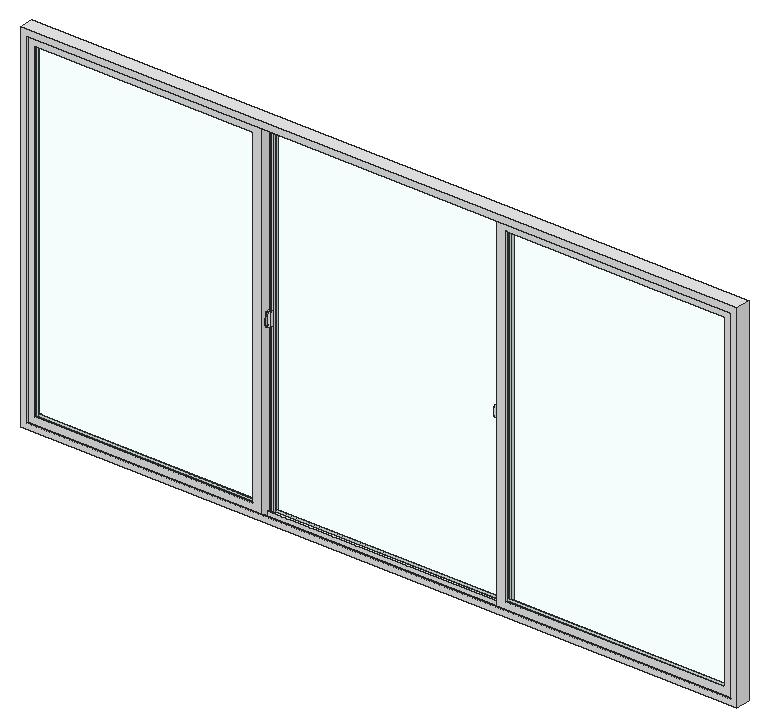
Revit family
Parameters (values of type "144" x 72"")
  Wall Width [instance] = Wall Width Report  # 6"
  Wall Width Report [instance] = 6"
  Visible Light Transmission = 0
  URL = "http://www.milgard.com/professionals/"
  U Values URL Dual Glaze = "http://www.milgard.com/_doc/products/performance-ratings/pdf/performanceratings-awning-casement-casementpicture.pdf"
  U Value = 0
  Style = "Double Vent"  # constant formula
  Solar Heat Gain Coefficient = 0
  Rough Width = Width + 1/2"  # 144 1/2"
  Rough Height = Height + 1/2"  # 72 1/2"
  R Value = 0
  Product Page URL = "http://www.milgard.com/professionals/architectural-library/vinyl-style-line.asp"
  Product Documentation Link = "http://www.milgard.com/professionals/architectural-library/vinyl-style-line.asp"
  Model = "Style Line™ Series"  # constant formula
  Manufacturer = "© 2013 Milgard Manufacturing, Inc."  # constant formula
  LEED Credit = ""
  Interior Frame Color [instance] = Vinyl - Milgard - White
  Height = 72"
  Has Grid [instance] = no
  Hardware Color [instance] = Vinyl - Milgard - White
  Grid Type [instance] = Grid-Milgard-Style_Line : Flat 5/8"
  Green Building LEED = "http://www.milgard.com/professionals/continuing-education/leed.asp"
  Glass Material [instance] = Glass - Milgard - P516
  Exterior Frame Color [instance] = Vinyl - Milgard - White
  Energy Star Zone = ""
  Egress = yes
  Description = "Vinyl Windows"  # constant formula
  Default Sill Height = 36"
  Wall Closure = (empty or 0)
  Width = 144"
  Interior Grid Width = Width / 3 - (1 15/16" + 21/32")  # 45 13/32"
  Interior Grid Height = Height - 2" * 2  # 68"
  Exterior Grid Width = Width / 3 - (2 3/32" - 3/4")  # 46 21/32"
  Exterior Grid Height = Height - (1 1/4" * 2)  # 69 1/2"
  Assembly Code = "B2020100"
  Approximated Vertical Grid Spacing [instance] = 10"
  Approximated Horizontal Grid Spacing [instance] = 10"
  Air Leakage = 0
Types (3): name | Rough Width | Rough Height | Height | Grid Type | Width | Interior Grid Width | Interior Grid Height | Exterior Grid Width | Exterior Grid Height
  48" x 24" | 48 1/2" | 24 1/2" | 24" | Grid-Milgard-Style_Line : Simulated Divided Lite | 48" | 13 13/32" | 20" | 14 21/32" | 21 1/2"
  96" x 48" | 96 1/2" | 48 1/2" | 48" | Grid-Milgard-Style_Line : Flat 5/8" | 96" | 29 13/32" | 44" | 30 21/32" | 45 1/2"
  144" x 72" | 144 1/2" | 72 1/2" | 72" | Grid-Milgard-Style_Line : Flat 5/8" | 144" | 45 13/32" | 68" | 46 21/32" | 69 1/2"
Reference planes (in)
  plane 1 "Center Wall": y = 0.0625
  plane 2: z = 0
  plane 3 "Center (Left/Right)": x = -8.05467
  plane 4 "Left": x = -56.05467
  plane 5 "Right": x = 39.94533
  plane 6 "Sill": z = 108
  plane 7: z = 72
  plane 8 "Exterior": y = 3.0625
  plane 9 "Interior": y = -2.9375
  plane 10 "Grid Center": y = 2.399
  plane 11: z = 106
  plane 12 "ext grid left": x = -7.33918
  plane 13 "int grid rigth": x = -8.72642
  plane 14: x = -31.42622
  plane 15 "Center": x = 15.94533
  plane 16 "interior grid center": y = 1.07254
  plane 17 "int grid left": x = -54.12603
  plane 18 "ext grid right": x = 39.18612
  plane 19 "exterior frame top": z = 107.24787
  plane 20 "left sash right": x = -7.72595
  plane 21 "right sash left": x = -8.88634
  plane 22 "exterior grid center": y = 2.5367
  plane 23 "Back": y = 0.18786
  plane 24: y = 1.62518
  plane 25: z = 36
  plane 26: z = 38
  plane 27: x = 87.94533
  plane 28: x = 63.26873
  plane 29: x = 40.52962
  plane 30: x = 86.00783
  plane 31: x = 40.77701
Forms (in)
  Sweep 1, solid, material "Vinyl - Milgard - White" <- "Exterior Frame Color"
    path origin (0, 3.0625, 0) x (-1, 0, 0) y (0, 0, 1)
      loop
        line (8.05467, 107.37764) -> (8.05467, 36.62236)
    profile origin (-8.05467, 3.0625, 72) x (0, 1, 0) y (-1, 0, 0)
      loop
        line (-2.65621, -0.32871) -> (-0.96464, -0.32871) -> (-0.96464, -1.39482) -> (-0.93465, -1.46548) -> (-0.9008, -1.46548) -> (-0.9008, -0.71548) -> (-0.23092, -0.71548) -> (-0.23092, -0.59048) -> (-0.1508, -0.59048) -> (-0.1508, -1.46548) -> (0, -1.46548) -> (0, 0.83168) -> (-0.33636, 0.83168) -> (-0.33636, 0.41525) -> (-1.00745, 0.41525) -> (-1.00745, 0.83168) -> (-1.49248, 0.83168) -> (-1.49248, 1.41087) -> (-1.57205, 1.41087) -> (-1.57205, 0.67175) -> (-2.43552, 0.67175) -> (-2.43552, 0.99718) -> (-2.36496, 0.99718) -> (-2.36496, 1.42175) -> (-2.65621, 1.42175) -> (-2.65621, -0.32871)
  Sweep 2, solid, material "Vinyl - Milgard - White" <- "Exterior Frame Color"
    path origin (0, 3.0625, 0) x (-1, 0, 0) y (0, 0, 1)
      loop
        line (7.72595, 108) -> (56.05467, 108) -> (56.05467, 36) -> (7.72595, 36)
    profile origin (-31.89031, 3.0625, 108) x (0, 0, 1) y (0, 1, 0)
      loop
        line (-0.37699, -1.39464) -> (-1.24836, -1.39464) -> (-1.24836, -1.49248) -> (-2.65572, -1.49248) -> (-2.65572, -1.61496) -> (-1.92864, -1.61496) -> (-1.92864, -2.36496) -> (-2.65572, -2.36496) -> (-2.65572, -2.65621) -> (-0.37699, -2.65621) -> (-0.37699, -1.39464)
  Sweep 3, solid, material "Vinyl - Milgard - White" <- "Exterior Frame Color"
    path origin (0, 3.0625, 0) x (-1, 0, 0) y (0, 0, 1)
      loop
        line (-40.36058, 108) -> (8.46992, 108)
    profile origin (15.94533, 3.0625, 108) x (0, 0, 1) y (0, 1, 0)
      loop
        line (-1.24836, -0.9008) -> (-1.24836, -0.96464) -> (-0.49909, -0.96464) -> (-0.49909, -0.33636) -> (-0.62236, -0.33636) -> (-0.62236, 0) -> (-1.24836, 0) -> (-1.24836, -0.1508) -> (-0.75213, -0.1508) -> (-0.75213, -0.9008) -> (-1.24836, -0.9008)
      loop
        line (-70.75164, -0.9008) -> (-71.24787, -0.9008) -> (-71.24787, -0.1508) -> (-70.75164, -0.1508) -> (-70.75164, 0) -> (-71.37764, 0) -> (-71.37764, -0.33636) -> (-71.50091, -0.33636) -> (-71.50091, -0.96464) -> (-70.75164, -0.96464) -> (-70.75164, -0.9008)
  Sweep 4, solid, material "Glass - Milgard - P516" <- "Glass Material"
    path origin (0, 0, 0) x (1, 0, 0) y (0, 1, 0)
      loop
        line (-54.12603, 0.69754) -> (-54.12603, 1.44754)
    profile origin (-54.12603, 1.07254, 0) x (-1, 0, 0) y (0, 0, 1)
      loop
        line (-0.73106, 106) -> (-45.39961, 106) -> (-45.39961, 38) -> (-0.73106, 38) -> (-0.73106, 106)
  Sweep 5, solid, material "Glass - Milgard - P516" <- "Glass Material"
    path origin (0, 0, 38) x (-1, 0, 0) y (0, -1, 0)
      loop
        line (-39.18612, -2.9117) -> (-39.18612, -2.1617)
    profile origin (39.18612, 2.5367, 38) x (1, 0, 0) y (0, 0, 1)
      loop
        line (0, 69.24787) -> (-46.5253, 69.24787) -> (-46.5253, -1.24787) -> (0, -1.24787) -> (0, 69.24787)
  Sweep 6, solid, material "Vinyl - Milgard - White" <- "Exterior Frame Color"
    path origin (0, 3.0625, 0) x (-1, 0, 0) y (0, 0, 1)
      loop
        line (-87.94533, 108) -> (-87.94533, 36) -> (56.05467, 36) -> (56.05467, 108) -> (-87.94533, 108)
    profile origin (15.94533, 3.0625, 108) x (0, 0, 1) y (0, 1, 0)
      loop
        line (-1.24836, -2.87464) -> (0, -2.87464) -> (0, 0) -> (-0.62236, 0) -> (-0.62236, -0.33636) -> (-0.49909, -0.33636) -> (-0.49909, -0.96464) -> (-1.24836, -0.96464) -> (-1.24836, -1.39464) -> (-0.37699, -1.39464) -> (-0.37699, -2.65621) -> (-1.24836, -2.65621) -> (-1.24836, -2.87464)
  Sweep 7, solid, material "Vinyl - Milgard - White" <- "Exterior Frame Color"
    path origin (23.91253, 3.0625, 0) x (1, 0, 0) y (0, 0, 1)
      loop
        line (15.70409, 108) -> (64.0328, 108) -> (64.0328, 36) -> (15.70409, 36)
    profile origin (63.78098, 3.0625, 108) x (0, 0, -1) y (0, 1, 0)
      loop
        line (0.37699, -1.39464) -> (0.37699, -2.65621) -> (2.65572, -2.65621) -> (2.65572, -2.36496) -> (1.92864, -2.36496) -> (1.92864, -1.61496) -> (2.65572, -1.61496) -> (2.65572, -1.49248) -> (1.24836, -1.49248) -> (1.24836, -1.39464) -> (0.37699, -1.39464)
  Sweep 8, solid, material "Vinyl - Milgard - White" <- "Exterior Frame Color"
    path origin (23.91253, 3.0625, 0) x (1, 0, 0) y (0, 0, 1)
      loop
        line (16.0328, 107.37764) -> (16.0328, 36.62236)
    profile origin (39.94533, 3.0625, 72) x (0, 1, 0) y (-1, 0, 0)
      loop
        line (-2.65621, 0.32871) -> (-2.65621, -0.6546) -> (-2.65621, -1.42175) -> (-2.36496, -1.42175) -> (-2.36496, -0.99718) -> (-2.43552, -0.99718) -> (-2.43552, -0.67175) -> (-1.57205, -0.67175) -> (-1.57205, -1.41087) -> (-1.49248, -1.41087) -> (-1.49248, -0.83168) -> (-1.00745, -0.83168) -> (-1.00745, -0.41525) -> (-0.33636, -0.41525) -> (-0.33636, -0.83168) -> (0, -0.83168) -> (0, 1.42175) -> (-0.1508, 1.42175) -> (-0.1508, 0.54675) -> (-0.23092, 0.54675) -> (-0.23092, 0.67175) -> (-0.9008, 0.67175) -> (-0.9008, 1.42175) -> (-0.93465, 1.42175) -> (-0.96464, 1.35109) -> (-0.96464, 0.32871) -> (-2.65621, 0.32871)
  Sweep 9, solid, material "Glass - Milgard - P516" <- "Glass Material"
    path origin (0, 0, 0) x (1, 0, 0) y (0, 1, 0)
      loop
        line (63.26873, 0.69754) -> (63.26873, 1.44754)
    profile origin (63.26873, 1.07254, 0) x (-1, 0, 0) y (0, 0, 1)
      loop
        line (-22.74797, 106) -> (-22.74797, 38) -> (22.90814, 38) -> (22.90814, 106) -> (-22.74797, 106)
Cuts and joins
  joined: Sweep 1, Sweep 2, Sweep 3, Sweep 6, Sweep 7, Sweep 8
Lines and regions (in)
  Opening 1
    outline origin (-60, -2.9375, 0) x (1, 0, 0) y (0, 0, 1)
      loop
        line (3.94533, 36) -> (147.94533, 36) -> (147.94533, 108) -> (3.94533, 108) -> (3.94533, 36)
  Masking region 1, not visible
    outline origin (0, 0, 108) x (0, -1, 0) y (1, 0, 0)
      loop
        line (-3.0625, -56.05467) -> (2.9375, -56.05467) -> (2.9375, 87.94533) -> (-3.0625, 87.94533) -> (-3.0625, -56.05467)
  Masking region 2
    outline origin (0, 0, 0) x (1, 0, 0) y (0, 1, 0)
      loop
        line (-56.05467, 0.18786) -> (87.94533, 0.18786) -> (87.94533, 3.0625) -> (-56.05467, 3.0625) -> (-56.05467, 0.18786)
  symbolic lines
    curve 1: line (-54.80631, 3.0625, 79.16501) -> (-54.80631, 0.18786, 79.16501)
    curve 3: line (39.18612, 0.40629, 79.16501) -> (39.18612, 1.57002, 79.16501)
    curve 4: line (-56.05467, 0.18786, 79.16501) -> (-56.05467, -2.9375, 79.16501)
    curve 5: line (-7.33918, 1.57002, 79.16501) -> (-7.33918, 0.40629, 79.16501)
    curve 6: line (-8.88634, 2.9117, 79.16501) -> (-8.88634, 1.74797, 79.16501)
    curve 7: line (-7.33918, 0.40629, 79.16501) -> (-54.80631, 0.40629, 79.16501)
    curve 8: line (-54.80631, 1.57002, 79.16501) -> (-7.33918, 1.57002, 79.16501)
    curve 9: line (-8.88634, 2.9117, 79.16501) -> (40.77701, 2.9117, 79.16501)
    curve 15: line (40.77701, 1.74797, 79.16501) -> (-8.88634, 1.74797, 79.16501)
    curve 16: line (-8.05467, 3.0625, 14) -> (-8.05467, 3.0625, 108)
    curve 20: line (39.18612, 0.40629, 79.16501) -> (86.69697, 0.40629, 79.16501)
    curve 21: line (86.69697, 1.57002, 79.16501) -> (39.18612, 1.57002, 79.16501)
    curve 24: line (86.69697, 3.0625, 79.16501) -> (86.69697, 0.18786, 79.16501)
    curve 25: line (40.77701, 2.9117, 79.16501) -> (40.77701, 1.74797, 79.16501)
  symbolic lines, detail levels medium+fine
    curve 2: line (-53.39894, 0.40629, 79.16501) -> (-53.39894, 1.57002, 79.16501)
    curve 10: line (-8.68293, 0.40629, 79.16501) -> (-8.68293, 1.57002, 79.16501)
    curve 12: line (-7.54259, 1.74797, 79.16501) -> (-7.54259, 2.9117, 79.16501)
    curve 13: line (39.43326, 1.74797, 79.16501) -> (39.43326, 2.9117, 79.16501)
    curve 19: line (85.28961, 0.40629, 79.16501) -> (85.28961, 1.57002, 79.16501)
    curve 22: line (40.52987, 0.40629, 79.16501) -> (40.52987, 1.57002, 79.16501)
  symbolic lines, detail levels fine
    curve 11: line (-8.68293, 0.98815, 79.16501) -> (-53.39894, 0.98815, 79.16501)
    curve 14: line (-7.54259, 2.32983, 79.16501) -> (39.43326, 2.32983, 79.16501)
    curve 23: line (40.52987, 0.98815, 79.16501) -> (85.28961, 0.98815, 79.16501)
  model lines, style "WindowsFrameMullionProjection"
    curve 17: line (40.77701, 3.0625, 36.62236) -> (-8.88634, 3.0625, 36.62236)
    curve 18: line (40.77701, 3.0625, 107.37764) -> (-8.88634, 3.0625, 107.37764)
Text (in)
  text "EXTERIOR" at (-90.45691, 50.90694, 0), in view "Ref. Level"
  text "INTERIOR" at (-90.45691, -40.77599, 0), in view "Ref. Level"
  text "Exterior" at (0, 43.65631, 123.19604), in view "Left"
  text "Exterior" at (0, 18.29385, 125.04747), in view "Right"
  text "Note: Remeber to hide any  geometry\n\non \"Visibility Settings\" and replace it \n\nwith Masking Regions and Symbolic \n\nLines," at (41.99671, 82.85099, 0), in view "Ref. Level"
Dimensions and locks (in)
  equal spacing: plane 4 "Left", plane 3 "Center (Left/Right)", plane 5 "Right"
  equal spacing: plane 6 "Sill", plane 7, plane 25
  equal spacing: plane 8 "Exterior", plane 1 "Center Wall", plane 9 "Interior"
  "Wall Width": plane 8 "Exterior" to plane 9 "Interior"
  "Wall Width Report": host wall to host wall
  locked: plane 8 "Exterior" to plane 10 "Grid Center" at 0.6635
  equal spacing: plane 13 "int grid rigth", plane 14, plane 17 "int grid left"
  locked: plane 8 "Exterior" to plane 16 "interior grid center" at 1.98996
  locked: plane 13 "int grid rigth" to plane 3 "Center (Left/Right)" at 0.67175
  locked: plane 6 "Sill" to plane 19 "exterior frame top" at 0.75213
  locked: plane 21 "right sash left" to plane 3 "Center (Left/Right)" at 0.83168
  locked: plane 3 "Center (Left/Right)" to plane 20 "left sash right" at 0.32871
  locked: curve 10 to plane 12 "ext grid left" at 1.34375
  locked: plane 21 "right sash left" to curve 12 at 1.34375
  locked: curve 13 to plane 31 at 1.34375
  locked: plane 6 "Sill" to plane 11 at 2
  Sweep 2 sketch curve to Sweep 2 sketch curve to Sweep 2 sketch curve to plane 6 "Sill" = 0.72709" locked, 1.55165" locked, 0.37699" locked
  locked: Sweep 6 sketch curve to plane 6 "Sill" at 1.24836
  equal spacing: plane 8 "Exterior", plane 24, plane 23 "Back"
  locked: plane 8 "Exterior" to plane 23 "Back" at 2.87464
  locked: plane 26 to plane 25 at 2
  locked: plane 26 to Sweep 5 sketch curve at 1.24787
  "Height": plane 6 "Sill" to plane 25
  Sweep 2 sketch curve to Sweep 2 sketch curve to plane 8 "Exterior" = 1.26157" locked, 1.39464" locked
  locked: plane 4 "Left" to plane 17 "int grid left" at 1.92864
  locked: plane 18 "ext grid right" to plane 5 "Right" at 0.75922
  locked: plane 8 "Exterior" to plane 22 "exterior grid center" at 0.5258
  "Default Sill Height": plane 25 to plane 2
  Sweep 7 sketch curve to Sweep 7 sketch curve to Sweep 7 sketch curve = 1.55165" locked, 0.72709" locked
  locked: Sweep 7 sketch curve to Sweep 7 sketch curve at 1.26157
  locked: Sweep 9 sketch curve to Sweep 9 sketch curve at 0.75
  locked: plane 8 "Exterior" to Sweep 9 sketch curve at 1.61496
  locked: plane 5 "Right" to plane 29 at 0.58428
  locked: plane 27 to plane 30 at 1.9375
  equal spacing: plane 29, plane 28, plane 30
  locked: plane 12 "ext grid left" to plane 13 "int grid rigth" at 1.38723
  equal spacing: plane 3 "Center (Left/Right)", plane 5 "Right", plane 27
  "Width": plane 4 "Left" to plane 27
  equal spacing: plane 4 "Left", plane 15 "Center", plane 27
  locked: plane 31 to plane 5 "Right" at 0.83168
  locked: plane 12 "ext grid left" to nested 1 at 0.37252
  locked: plane 6 "Sill" to Sweep 1 sketch curve at 0.62236
  locked: Sweep 1 sketch curve to plane 25 at 0.62236
  locked: plane 8 "Exterior" to Sweep 1 sketch curve at 2.65621
  plane 8 "Exterior" to Sweep 4 sketch curve to Sweep 4 sketch curve = 1.61496" locked, 3/4" locked
  locked: plane 18 "ext grid right" to curve 22 at 1.34375
  plane 8 "Exterior" to Sweep 5 sketch curve to Sweep 5 sketch curve = 0.1508" locked, 3/4" locked
  locked: Sweep 3 sketch curve to plane 25 at 0.49909
  locked: Sweep 3 sketch curve to plane 25 at 0.75213
  locked: Sweep 3 sketch curve to plane 25 at 1.24836  (x2)
  aligned and locked: level to plane 2
  aligned and locked: Masking region 1 sketch curve to plane 4 "Left"
  aligned and locked: Masking region 1 to plane 8 "Exterior"
  aligned and locked: plane 9 "Interior" to Masking region 1
  aligned and locked: host wall to plane 1 "Center Wall"
  aligned and locked: Masking region 2 sketch curve to plane 8 "Exterior"
  aligned and locked: Masking region 2 sketch curve to plane 4 "Left"
  aligned and locked: plane 8 "Exterior" to curve 1
  aligned and locked: plane 9 "Interior" to curve 4
  aligned and locked: Opening 1 sketch curve to plane 4 "Left"
  aligned and locked: plane 6 "Sill" to Sweep 2 sketch curve
  aligned and locked: plane 4 "Left" to Sweep 2 sketch curve
  aligned and locked: plane 20 "left sash right" to Sweep 2 sketch curve  (x2)
  aligned and locked: Sweep 4 sketch curve to plane 11
  aligned and locked: Sweep 5 sketch curve to plane 19 "exterior frame top"
  aligned and locked: Sweep 5 sketch curve to plane 18 "ext grid right"
  aligned and locked: Opening 1 sketch curve to plane 6 "Sill"
  aligned and locked: curve 5 to plane 12 "ext grid left"
  aligned and locked: curve 1 to curve 8
  aligned and locked: curve 2 to curve 11
  aligned and locked: curve 10 to curve 11
  aligned and locked: curve 9 to Sweep 5
  aligned: nested 1 to plane 8 "Exterior"
  aligned and locked: Sweep 4 sketch curve to plane 13 "int grid rigth"
  aligned and locked: Sweep 5 sketch curve to plane 12 "ext grid left"
  aligned and locked: curve 15 to curve 13
  aligned and locked: plane 13 "int grid rigth" to Sweep 1 sketch curve
  aligned and locked: Sweep 1 sketch curve to plane 21 "right sash left"  (x2)
  aligned and locked: Sweep 1 sketch curve to plane 12 "ext grid left"
  aligned and locked: Sweep 6 sketch curve to plane 6 "Sill"
  aligned and locked: Sweep 6 sketch curve to plane 4 "Left"
  aligned and locked: profile plane to Sweep 6 sketch curve
  aligned and locked: Sweep 6 sketch curve to plane 8 "Exterior"
  aligned and locked: Sweep 2 sketch curve to plane 25
  aligned and locked: plane 26 to Sweep 4 sketch curve
  aligned and locked: nested 1 to cut or joined group of Sweep 1, Sweep 2, Sweep 3, Sweep 6, Sweep 7, Sweep 8
  aligned and locked: Sweep 6 sketch curve to plane 25  (x2)
  aligned and locked: plane 23 "Back" to Sweep 6 sketch curve
  aligned and locked: nested 1 to plane 7
  aligned and locked: Opening 1 sketch curve to plane 25
  aligned and locked: plane 27 to Opening 1 sketch curve
  aligned and locked: plane 27 to Sweep 6 sketch curve
  aligned and locked: plane 6 "Sill" to Sweep 7 sketch curve
  aligned and locked: plane 27 to Sweep 7 sketch curve
  aligned and locked: Sweep 7 sketch curve to plane 25
  aligned and locked: plane 5 "Right" to Sweep 8 sketch curve
  aligned and locked: Sweep 7 sketch curve to Sweep 8
  aligned and locked: Sweep 8 to Sweep 7 sketch curve
  aligned and locked: nested 2 to plane 7
  aligned and locked: nested 2 to plane 28
  aligned and locked: Sweep 9 sketch curve to plane 28
  aligned and locked: Sweep 9 sketch curve to plane 11
  aligned and locked: Sweep 9 sketch curve to plane 26
  aligned and locked: Sweep 7 to Sweep 9 sketch curve
  aligned and locked: Sweep 9 sketch curve to Sweep 8
  aligned and locked: plane 7 to nested 3
  aligned and locked: nested 3 to Sweep 8
  aligned and locked: Sweep 8 to nested 3
  aligned and locked: Sweep 6 to Sweep 8 sketch curve  (x2)
  aligned and locked: curve 17 to cut or joined group of Sweep 1, Sweep 2, Sweep 3, Sweep 6, Sweep 7, Sweep 8  (x2)
  aligned and locked: cut or joined group of Sweep 1, Sweep 2, Sweep 3, Sweep 6, Sweep 7, Sweep 8 to curve 17
  aligned and locked: cut or joined group of Sweep 1, Sweep 2, Sweep 3, Sweep 6, Sweep 7, Sweep 8 to curve 18  (x2)
  aligned and locked: curve 18 to cut or joined group of Sweep 1, Sweep 2, Sweep 3, Sweep 6, Sweep 7, Sweep 8
  aligned and locked: plane 8 "Exterior" to Sweep 1 sketch curve
  aligned and locked: Masking region 1 sketch curve to plane 27
  aligned and locked: plane 27 to Masking region 2 sketch curve
  aligned and locked: curve 1 to cut or joined group of Sweep 1, Sweep 2, Sweep 3, Sweep 6, Sweep 7, Sweep 8
  aligned and locked: curve 19 to curve 23
  aligned and locked: curve 22 to curve 23
  aligned and locked: curve 24 to cut or joined group of Sweep 1, Sweep 2, Sweep 3, Sweep 6, Sweep 7, Sweep 8
  aligned and locked: curve 24 to plane 8 "Exterior"
  aligned and locked: curve 24 to plane 23 "Back"
  aligned and locked: curve 8 to cut or joined group of Sweep 1, Sweep 2, Sweep 3, Sweep 6, Sweep 7, Sweep 8
  aligned and locked: curve 19 to cut or joined group of Sweep 1, Sweep 2, Sweep 3, Sweep 6, Sweep 7, Sweep 8
  aligned and locked: curve 21 to curve 19
  aligned and locked: curve 20 to curve 19
  aligned and locked: plane 18 "ext grid right" to curve 3
  aligned and locked: nested 5 to plane 7
  aligned and locked: nested 4 to plane 7
  aligned and locked: plane 15 "Center" to nested 4
  aligned and locked: plane 14 to nested 5
  aligned and locked: plane 21 "right sash left" to curve 6
  aligned and locked: curve 25 to plane 31
Automatic sketch dimensions
  Sweep 1 sketch curve to plane 3 "Center (Left/Right)" = 0"
  profile plane to Sweep 4 sketch curve = 0.73106"
  Sweep 4 sketch curve to plane 17 "int grid left" = 0"
  Sweep 3 sketch curve to plane 6 "Sill" = 0"
  plane 13 "int grid rigth" to Sweep 3 sketch curve = 0.2565"
  plane 29 to Sweep 3 sketch curve = 0.16903"
  curve 16 to host wall = 0"
  plane 6 "Sill" to curve 16 = 0"
  level to curve 16 = 14"
  host wall to Masking region 1 sketch curve = 0"  (x2)
  Masking region 2 sketch curve to plane 23 "Back" = 0"
  Sweep 5 sketch curve to plane 18 "ext grid right" = 0"
  Sweep 1 sketch curve to Sweep 1 sketch curve = 0.22069"
  Sweep 1 sketch curve to Sweep 1 sketch curve = 0.07056"
  Sweep 1 sketch curve to Sweep 1 sketch curve = 0.79291"
  Sweep 1 sketch curve to Sweep 1 sketch curve = 0.07956"
  Sweep 1 sketch curve to Sweep 1 sketch curve = 0.5646"
  profile plane to Sweep 1 sketch curve = 0.32871"
  Sweep 1 sketch curve to Sweep 1 sketch curve = 0.04281"
  Sweep 1 sketch curve to Sweep 1 sketch curve = 0.03"
  Sweep 1 sketch curve to Sweep 1 sketch curve = 0.06384"
  Sweep 1 sketch curve to plane 8 "Exterior" = 0.33636"
  Sweep 1 sketch curve to plane 8 "Exterior" = 0.23092"
  Sweep 1 sketch curve to Sweep 1 sketch curve = 0.1508"
  Sweep 1 sketch curve to Sweep 1 sketch curve = 0.67934"
  Sweep 1 sketch curve to Sweep 1 sketch curve = 0.07066"
  Sweep 1 sketch curve to Sweep 1 sketch curve = 3/4"
  Sweep 1 sketch curve to Sweep 1 sketch curve = 1/8"
  Sweep 1 sketch curve to profile plane = 0.41525"
  Sweep 1 sketch curve to Sweep 1 sketch curve = 0.32543"
  Sweep 1 sketch curve to Sweep 1 sketch curve = 0.57919"
  Sweep 1 sketch curve to Sweep 1 sketch curve = 0.42457"
  Sweep 2 sketch curve to Sweep 2 sketch curve = 0.72709"
  Sweep 2 sketch curve to Sweep 2 sketch curve = 0.68028"
  Sweep 2 sketch curve to Sweep 2 sketch curve = 0.29125"
  Sweep 2 sketch curve to Sweep 2 sketch curve = 0.22032"
  Sweep 2 sketch curve to Sweep 2 sketch curve = 0.12248"
  Sweep 3 sketch curve to plane 8 "Exterior" = 0"  (x2)
  Sweep 3 sketch curve to plane 8 "Exterior" = 0.96464"
  Sweep 3 sketch curve to Sweep 3 sketch curve = 0.12327"  (x2)
  Sweep 3 sketch curve to plane 8 "Exterior" = 0.1508"  (x2)
  profile plane to Sweep 3 sketch curve = 1.24836"
  Sweep 3 sketch curve to Sweep 3 sketch curve = 0"
  Sweep 3 sketch curve to Sweep 3 sketch curve = 0.49623"
  Sweep 3 sketch curve to Sweep 3 sketch curve = 0.12977"
  Sweep 3 sketch curve to Sweep 3 sketch curve = 0.81384"
  Sweep 3 sketch curve to Sweep 3 sketch curve = 0.06384"  (x2)
  Sweep 3 sketch curve to Sweep 3 sketch curve = 0.18555"  (x2)
  profile plane to Sweep 6 sketch curve = 1.24836"
  profile plane to Sweep 6 sketch curve = 0.62236"
  Sweep 6 sketch curve to Sweep 6 sketch curve = 0.12327"
  profile plane to Sweep 6 sketch curve = 0.37699"
  Sweep 6 sketch curve to Sweep 6 sketch curve = 0.21843"
  Sweep 6 sketch curve to Sweep 6 sketch curve = 1.26157"
  Sweep 6 sketch curve to Sweep 6 sketch curve = 0.43"
  Sweep 6 sketch curve to plane 8 "Exterior" = 0.33636"
  Sweep 7 sketch curve to profile plane = 0.37699"
  Sweep 7 sketch curve to Sweep 7 sketch curve = 0.68028"
  Sweep 7 sketch curve to Sweep 7 sketch curve = 0.72709"
  Sweep 7 sketch curve to plane 8 "Exterior" = 2.65621"
  Sweep 7 sketch curve to Sweep 7 sketch curve = 0.29125"
  Sweep 7 sketch curve to Sweep 7 sketch curve = 0.22032"
  Sweep 7 sketch curve to Sweep 7 sketch curve = 0.12248"
  Sweep 8 sketch curve to plane 8 "Exterior" = 0"
  Sweep 8 sketch curve to plane 8 "Exterior" = 0.1508"
  Sweep 8 sketch curve to Sweep 8 sketch curve = 0.08012"
  Sweep 8 sketch curve to Sweep 8 sketch curve = 0.33636"
  Sweep 8 sketch curve to Sweep 8 sketch curve = 3/4"  (x2)
  Sweep 8 sketch curve to Sweep 8 sketch curve = 0.03384"
  Sweep 8 sketch curve to Sweep 8 sketch curve = 0.06384"
  Sweep 8 sketch curve to Sweep 8 sketch curve = 0.67109"
  Sweep 8 sketch curve to Sweep 8 sketch curve = 0.48503"
  Sweep 8 sketch curve to Sweep 8 sketch curve = 0.07956"
  Sweep 8 sketch curve to Sweep 8 sketch curve = 0.79291"
  Sweep 8 sketch curve to Sweep 8 sketch curve = 0.07056"
  Sweep 8 sketch curve to profile plane = 0.32871"
  Sweep 8 sketch curve to Sweep 8 sketch curve = 0.22069"
  profile plane to Sweep 8 sketch curve = 0.41525"
  profile plane to Sweep 8 sketch curve = 0.6546"
  Sweep 8 sketch curve to Sweep 8 sketch curve = 0.01715"
  Sweep 8 sketch curve to Sweep 8 sketch curve = 0.15993"
  Sweep 8 sketch curve to Sweep 8 sketch curve = 0.41643"
  Sweep 8 sketch curve to Sweep 8 sketch curve = 0.32543"
  Sweep 8 sketch curve to Sweep 8 sketch curve = 0.57919"
  Sweep 8 sketch curve to Sweep 8 sketch curve = 0.42457"
  Sweep 8 sketch curve to profile plane = 0.54675"
  Sweep 8 sketch curve to Sweep 8 sketch curve = 1/8"
  Sweep 8 sketch curve to Sweep 8 sketch curve = 0.67934"
  Sweep 8 sketch curve to Sweep 8 sketch curve = 0.07066"
  curve 4 to plane 4 "Left" = 0"
  curve 4 to plane 23 "Back" = 0"
  curve 1 to plane 23 "Back" = 0"
  plane 23 "Back" to curve 3 = 0.21843"
  plane 16 "interior grid center" to curve 11 = 0.08439"
  plane 17 "int grid left" to curve 11 = 0.72709"
  curve 14 to plane 10 "Grid Center" = 0.06917"
  plane 16 "interior grid center" to curve 23 = 0.08439"
  plane 23 "Back" to curve 7 = 0.21843"
  plane 24 to curve 15 = 0.12279"
  curve 22 to plane 24 = 0.05516"
Nested families (in)
  nested 1: "Handle-Milgard-Positive_Action_Lock" at (-7.7117, 3.23458, 72) x (0, 0, -1) z (1, 0, 0), type "Lock", detail levels fine
  nested 2: "Grid-Milgard-Style_Line" at (63.26873, 1.07254, 72) x (1, 0, 0) z (0, -1, 0), type <- "Grid Type", Y Grid Spacing <- "Approximated Vertical Grid Spacing", X Grid Spacing <- "Approximated Horizontal Grid Spacing", visible <- "Has Grid", Interior Frame Color <- "Interior Frame Color", Grid Material <- "Exterior Frame Color", Width <- "Interior Grid Width", Height <- "Interior Grid Height", type "Flat 5/8""
    with Y Single Grid no, Y Multiple Grid yes, Y Grid Spacing 10", Y Grid Qty 6, Y Grid Location 25", Y Grid Array 6, X Single Grid no, X Multiple Grid yes, X Grid Spacing 10", X Grid Qty 4, X Grid Location 15", X Grid Array 4, Width 45 13/32", Interior Frame Color Vinyl - Milgard - White, Height 68", Grid Material Vinyl - Milgard - White
  nested 3: "Handle-Milgard-Positive_Action_Lock" at (39.61662, 3.23458, 72) x (0, 0, -1) z (-1, 0, 0), type "Lock", detail levels fine
  nested 4: "Grid-Milgard-Style_Line" at (15.94533, 2.5367, 72) x (1, 0, 0) z (0, -1, 0), type <- "Grid Type", Y Grid Spacing <- "Approximated Vertical Grid Spacing", X Grid Spacing <- "Approximated Horizontal Grid Spacing", visible <- "Has Grid", Interior Frame Color <- "Interior Frame Color", Grid Material <- "Exterior Frame Color", Width <- "Exterior Grid Width", Height <- "Exterior Grid Height", type "Flat 5/8""
    with Y Single Grid no, Y Multiple Grid yes, Y Grid Spacing 10", Y Grid Qty 6, Y Grid Location 25", Y Grid Array 6, X Single Grid no, X Multiple Grid yes, X Grid Spacing 10", X Grid Qty 4, X Grid Location 15", X Grid Array 4, Width 46 21/32", Interior Frame Color Vinyl - Milgard - White, Height 69 1/2", Grid Material Vinyl - Milgard - White
  nested 5: "Grid-Milgard-Style_Line" at (-31.42622, 1.07254, 72) x (1, 0, 0) z (0, -1, 0), type <- "Grid Type", Y Grid Spacing <- "Approximated Vertical Grid Spacing", X Grid Spacing <- "Approximated Horizontal Grid Spacing", visible <- "Has Grid", Interior Frame Color <- "Interior Frame Color", Grid Material <- "Exterior Frame Color", Width <- "Interior Grid Width", Height <- "Interior Grid Height", type "Flat 5/8""
    with Y Single Grid no, Y Multiple Grid yes, Y Grid Spacing 10", Y Grid Qty 6, Y Grid Location 25", Y Grid Array 6, X Single Grid no, X Multiple Grid yes, X Grid Spacing 10", X Grid Qty 4, X Grid Location 15", X Grid Array 4, Width 45 13/32", Interior Frame Color Vinyl - Milgard - White, Height 68", Grid Material Vinyl - Milgard - White
Definition of nested family "Handle-Milgard-Positive_Action_Lock"
  Parameters (values of type "Lock")
    Hardware Color = none
    Default Elevation = 48"
    Assembly Code = ""
  Reference planes (in)
    plane 1 "Center (Front/Back)": y = 0
    plane 2: z = 0
    plane 3 "Center (Left/Right)": x = 0
    plane 4: through (0, -1.93181, 0.42813) normal (0, 0.4384, 0.8988)
  Forms (in)
    Extrusion 1, solid, material <- "Hardware Color"
      sketch origin (0, 0.04778, 0.0625) x (0, 1, 0) y (0, 0, 1)
        loop
          arc (-1.60038, 0.7255) -> (-1.6314, 0.72057) -> (-1.65937, 0.70625) r 0.1
          arc (-1.65937, 0.70625) -> (-1.83531, 0.55082) -> (-1.97959, 0.36563) r 1.26836
          line (-1.97959, 0.36563) -> (-2.05478, 0.22923)
          arc (-2.05478, 0.22923) -> (-2.07342, 0.18559) -> (-2.09041, 0.14129) r 1.26836
          line (-2.09041, 0.14129) -> (-2.09041, -0.0625) -> (-1.1845, -0.0625) -> (-1.1845, 0.7255) -> (-1.60038, 0.7255)
      from 1.33203 to -1.33203
    Extrusion 2, solid, material <- "Hardware Color"
      sketch origin (0, -0.18857, -0.4221) x (0, 0.898794, -0.438371) y (-1, 0, 0)
        loop
          line (-2.08409, -1.232) -> (-1.93952, -1.232) -> (-1.93952, -0.98135) -> (-2.00353, -0.98135)
          arc (-2.00353, -0.98135) -> (-2.09668, -0.94277) -> (-2.13527, -0.84961) r 0.13174
          line (-2.13527, -0.84961) -> (-2.13527, 0.84961)
          arc (-2.13527, 0.84961) -> (-2.09668, 0.94277) -> (-2.00353, 0.98135) r 0.13174
          line (-2.00353, 0.98135) -> (-1.93952, 0.98135) -> (-1.93952, 1.232) -> (-2.08248, 1.232)
          arc (-2.08248, 1.232) -> (-2.57691, 1.02721) -> (-2.7817, 0.53278) r 0.69922
          line (-2.7817, 0.53278) -> (-2.7817, -0.53439)
          arc (-2.7817, -0.53439) -> (-2.57738, -1.02768) -> (-2.08409, -1.232) r 0.69762
      from -0.15347 to 0
  Dimensions and locks (in)
    Extrusion 2 sketch curve to Extrusion 2 sketch curve = 2.464"
    Extrusion 2 sketch curve to Extrusion 2 sketch curve = 1.9627"
    aligned and locked: level to plane 2
Definition of nested family "Grid-Milgard-Style_Line"
  Parameters (values of type "Flat 5/8"")
    Y Single Grid [instance] = Y Grid Qty = 1  # no
    Y Multiple Grid [instance] = Y Grid Qty > 1  # yes
    Y Grid Spacing [instance] = 10"
    Y Grid Qty [instance] = if(Height < 15", (Height / Y Grid Spacing), (Height / Y Grid Spacing) - 1)  # 3
    Y Grid Location [instance] = ((Y Grid Qty - 1) * Y Grid Spacing) / 2  # 10"
    Y Grid Array [instance] = if(Y Grid Qty = 1, Y Grid Qty + 1, Y Grid Qty)  # 3
    X Single Grid [instance] = X Grid Qty = 1  # no
    X Multiple Grid [instance] = X Grid Qty > 1  # yes
    X Grid Spacing [instance] = 10"
    X Grid Qty [instance] = if(Width < 15", (Width / X Grid Spacing), (Width / X Grid Spacing) - 1)  # 3
    X Grid Location [instance] = ((X Grid Qty - 1) * X Grid Spacing) / 2  # 10"
    X Grid Array [instance] = if(X Grid Qty = 1, X Grid Qty + 1, X Grid Qty)  # 3
    Width [instance] = 40"
    Interior Frame Color [instance] = none
    Height [instance] = 40"
    Grid Option = Grid-Milgard-Flat : 5/8"
    Grid Material [instance] = none
    Default Elevation = 48"
    Assembly Code = ""
  Types (3): name | Grid Option
    Sculptured 1 1/16" | Grid-Milgard-Sculptured : 1 1/16"
    Flat 5/8" | Grid-Milgard-Flat : 5/8"
    Simulated Divided Lite | Grid-Milgard-Simulated_Divided_Lite_Sculptured : Simulated Divided Lite
  Reference planes (in)
    plane 1 "Center (Front/Back)": y = 0
    plane 2: z = 0
    plane 3 "Center (Left/Right)": x = 0
    plane 4 "Left": x = -20
    plane 5 "Right": x = 20
    plane 6 "Top": y = 20
    plane 7 "Bottom": y = -20
  Dimensions and locks (in)
    equal spacing: plane 4 "Left", plane 3 "Center (Left/Right)", plane 5 "Right"
    equal spacing: plane 6 "Top", plane 1 "Center (Front/Back)", plane 7 "Bottom"
    "Width": plane 4 "Left" to plane 5 "Right"
    "Height": plane 6 "Top" to plane 7 "Bottom"
    equal spacing: group 1, group 2, group 5  (x3)
    "X Grid Spacing": nested 1 to nested 3
    equal spacing: group 3, group 4, group 6  (x2)
    equal spacing: group 6, group 4, group 3
    "Y Grid Location": plane 1 "Center (Front/Back)" to nested 2
    "Y Grid Spacing": nested 4 to nested 2
    "X Grid Location": nested 1 to plane 3 "Center (Left/Right)"
    aligned and locked: nested 1 to plane 1 "Center (Front/Back)"
    aligned and locked: plane 3 "Center (Left/Right)" to nested 2
    aligned and locked: nested 3 to plane 1 "Center (Front/Back)"
    aligned and locked: plane 1 "Center (Front/Back)" to nested 5
    aligned and locked: plane 4 "Left" to nested 5
    aligned and locked: plane 5 "Right" to nested 5
    aligned and locked: plane 6 "Top" to nested 6
    aligned and locked: plane 3 "Center (Left/Right)" to nested 6
    aligned and locked: plane 4 "Left" to nested 7
    aligned and locked: plane 5 "Right" to nested 7
    aligned and locked: plane 4 "Left" to nested 8
    aligned and locked: plane 5 "Right" to nested 8
    aligned and locked: plane 1 "Center (Front/Back)" to nested 8
    aligned and locked: nested 9 to plane 6 "Top"
    aligned and locked: nested 9 to plane 3 "Center (Left/Right)"
    aligned and locked: plane 1 "Center (Front/Back)" to nested 7
    aligned and locked: nested 10 to plane 6 "Top"
    aligned and locked: nested 10 to plane 3 "Center (Left/Right)"
  Nested families (in)
    nested 1: "Grid-Milgard-Flat" at (-10, 0, 0) x (0, 1, 0) z (0, 0, 1), Grid Length <- "Height", visible <- "X Multiple Grid", type <- "Grid Option", type "5/8""
      with Grid Length 40"
    nested 2: "Grid-Milgard-Flat" at (0, 10, 0), Grid Length <- "Width", visible <- "Y Multiple Grid", type <- "Grid Option", type "5/8""
      with Grid Length 40"
    nested 3: "Grid-Milgard-Flat" at (0, 0, 0) x (0, 1, 0) z (0, 0, 1), Grid Length <- "Height", visible <- "X Multiple Grid", type <- "Grid Option", type "5/8""
      with Grid Length 40"
    nested 4: "Grid-Milgard-Flat" at (0, 0, 0), Grid Length <- "Width", visible <- "Y Multiple Grid", type <- "Grid Option", type "5/8""
      with Grid Length 40"
    nested 5: "Grid-Milgard-Flat" at (0, 0, 0), visible <- "Y Single Grid", Grid Length <- "Width", type <- "Grid Option", type "5/8""
      with Grid Length 40"
    nested 6: "Grid-Milgard-Flat" at (0, 0, 0) x (0, 1, 0) z (0, 0, 1), visible <- "X Single Grid", type <- "Grid Option", Grid Length <- "Height", type "5/8""
      with Grid Length 40"
    nested 7: "Grid-Milgard-Flat" at (0, 0, 0), visible <- "Y Single Grid", Grid Length <- "Width", type <- "Grid Option", type "5/8""
      with Grid Length 40"
    nested 8: "Grid-Milgard-Flat" at (0, 0, 0), Grid Length <- "Width", visible <- "Y Single Grid", type <- "Grid Option", type "5/8""
      with Grid Length 40"
    nested 9: "Grid-Milgard-Flat" at (0, 0, 0) x (0, -1, 0) z (0, 0, 1), Grid Length <- "Height", visible <- "X Single Grid", type <- "Grid Option", type "5/8""
      with Grid Length 40"
    nested 10: "Grid-Milgard-Flat" at (0, 0, 0) x (0, -1, 0) z (0, 0, 1), visible <- "X Single Grid", Grid Length <- "Height", type <- "Grid Option", type "5/8""
      with Grid Length 40"
    nested 11: "Grid-Milgard-Flat" at (10, 0, 0) x (0, 1, 0) z (0, 0, 1), Grid Length <- "Height", visible <- "X Multiple Grid", type <- "Grid Option", type "5/8""
      with Grid Length 40"
    nested 12: "Grid-Milgard-Flat" at (0, -10, 0), Grid Length <- "Width", visible <- "Y Multiple Grid", type <- "Grid Option", type "5/8""
      with Grid Length 40"
  Definition of nested family "Grid-Milgard-Flat"
    Parameters (values of type "5/8"")
      Interior Frame Color = none
      Grid Material = none
      Grid Length [instance] = 46 1/2"
      Grid Height = 5/8"
      Grid Depth = 3/16"
      Default Elevation = 48"
      Assembly Code = ""
    Reference planes (in)
      plane 1 "Center (Front/Back)": y = 0
      plane 2: z = 0
      plane 3 "Center (Left/Right)": x = 0
      plane 4 "Left": x = -23.25
      plane 5 "Right": x = 23.25
      plane 6: y = 0.3125
      plane 7: y = -0.3125
      plane 8: z = 0.09375
      plane 9: z = -0.09375
    Forms (in)
      Sweep 1, solid, material <- "Grid Material"
        path origin (0, 0, 0) x (1, 0, 0) y (0, 1, 0)
          loop
            line (-23.25, 0) -> (23.25, 0)
        profile origin (0, 0, 0) x (0, 1, 0) y (0, 0, 1)
          loop
            line (0.3125, 0.09375) -> (-0.3125, 0.09375) -> (-0.3125, -0.09375) -> (0.3125, -0.09375) -> (0.3125, 0.09375)
    Lines and regions (in)
      symbolic lines, detail levels coarse+medium
        curve 1: line (-23.25, 0, 0) -> (23.25, 0, 0)
      symbolic lines, detail levels fine
        curve 2: line (-23.25, 0.3125, 0) -> (23.25, 0.3125, 0)
        curve 3: line (-23.25, -0.3125, 0) -> (23.25, -0.3125, 0)
    Dimensions and locks (in)
      equal spacing: plane 4 "Left", plane 3 "Center (Left/Right)", plane 5 "Right"
      "Grid Length": plane 4 "Left" to plane 5 "Right"
      equal spacing: plane 6, plane 1 "Center (Front/Back)", plane 7
      equal spacing: plane 8, plane 2, plane 9
      "Grid Height": plane 6 to plane 7
      "Grid Depth": plane 8 to plane 9
      aligned and locked: plane 6 to Sweep 1 sketch curve
      aligned and locked: Sweep 1 sketch curve to plane 7
      aligned and locked: Sweep 1 sketch curve to plane 8
      aligned and locked: plane 9 to Sweep 1 sketch curve
      aligned and locked: plane 1 "Center (Front/Back)" to curve 1
      aligned and locked: plane 4 "Left" to curve 1
      aligned and locked: plane 5 "Right" to curve 1
      aligned and locked: plane 4 "Left" to curve 2
      aligned and locked: plane 4 "Left" to curve 3
      aligned and locked: plane 5 "Right" to curve 2
      aligned and locked: plane 5 "Right" to curve 3
      aligned and locked: plane 6 to curve 2
      aligned and locked: plane 7 to curve 3
    Automatic sketch dimensions
      plane 1 "Center (Front/Back)" to Sweep 1 sketch curve = 0"
      Sweep 1 sketch curve to plane 4 "Left" = 0"
      Sweep 1 sketch curve to plane 5 "Right" = 0"
